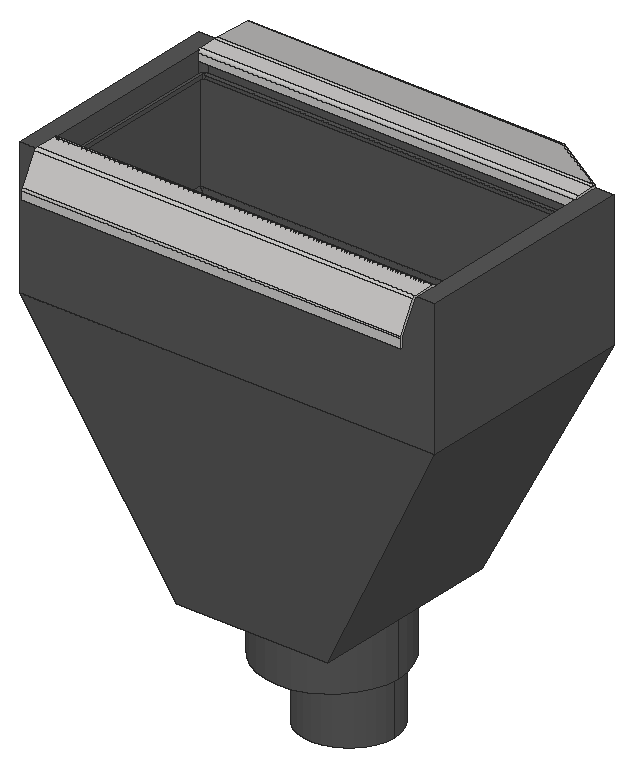
Revit family "2100.111 Rainhead External 445x240x550", category Plumbing Fixtures, Revit 2016
Family settings
  Part Type = Normal
  Round Connector Dimension = Use Diameter
  OmniClass Number = 23.60.30.11
  OmniClass Title = Pipework Products for General Use
  Work Plane-Based = No
  Always vertical = Yes
  Cut with Voids When Loaded = No
  Shared = No
  Room Calculation Point = No
Parameters (values of type "DWV150")
  Waste Connection = yes
  Vent Connection = no
  URL = "www.aquaknight.co.nz"
  Phone = "+6498322214"  # constant formula
  Model = "2100.111"
  Material = Aquanight-Black
  Manufacturer = "Aquanight Industries Ltd"  # constant formula
  HW Connection = no
  Flow = 0.0 L/s
  Email = "info@aquaknight.co.nz"  # constant formula
  Description = "Rainhead 445x240x550 DWV150 DN150"
  Connector Wall Offset = 100 mm
  Connector Location = 33 mm
  Connector Diameter = 150 mm
  Connector Description = "DWV150"
  CW Connection = no
Types (3, lengths in mm): name | Description | Connector Wall Offset | Connector Location | Connector Diameter | Connector Description
  (no name) | "Rainhead 445x240x550 DWV150 DN150" | 100 | 33 | 150 | "DWV150"
  DWV150 | "Rainhead 445x240x550 DWV150 DN150" | 100 | 33 | 150 | "DWV150"
  DWV100 | "Rainhead 445x240x550 DWV100 DN100" | 77.1 | 103 | 100 | "DWV100"
Reference planes
  plane 1 "Center (Front/Back)": y = 0
  plane 2: z = 0
  plane 3 "Center (Left/Right)": x = 0
  plane 4: y = 144.735
  plane 5: y = -95.265
  plane 6: x = 222.5
  plane 7: x = -222.5
  plane 8: z = -65
  plane 9: z = 264
  plane 10: z = 409
  plane 11: z = -140
  plane 12 "Connector": z = -33
Forms (mm)
  Extrusion 1, solid, material "Aquanight-Black" <- "Material"
    sketch origin (-419.252, -1524, 409) x (-1, 0, 0) y (0, -1, 0)
      loop
        line (-196.752, -1668.735) -> (-196.752, -1428.735) -> (-641.752, -1428.735) -> (-641.752, -1668.735) -> (-196.752, -1668.735)
      loop
        line (-638.252, -1665.235) -> (-200.252, -1665.235) -> (-200.252, -1432.235) -> (-638.252, -1432.235) -> (-638.252, -1665.235)
    from 0 to -145
  SweptBlend 2, solid, material "Aquanight-Black" <- "Material"
    path origin (0, 0, 0) x (1, 0, 0) y (0, 0, 1)
      loop
        line (0, 264) -> (0, 0)
    profile origin (0, 0, 264) x (0, -1, 0) y (1, 0, 0)
      loop
        line (-144.735, 222.5) -> (-144.735, -222.5) -> (95.265, -222.5) -> (95.265, 222.5) -> (-144.735, 222.5)
    end profile origin (0, 0, 0) x (0, -1, 0) y (1, 0, 0)
      loop
        line (-144.735, -81) -> (61.265, -81) -> (61.265, 81) -> (-144.735, 81) -> (-144.735, -81)
  Extrusion 3, solid, material "Aquanight-Black" <- "Material"
    sketch origin (0, 20, 0) x (1, 0, 0) y (0, 1, 0)
      loop
        circle (0, 24.735) r 72
      loop
        circle (0, 24.735) r 69
    from 0 to -65
  Extrusion 4, solid, material "Aquanight-Black" <- "Material"
    sketch origin (-263.937, -1524, -65) x (-1, 0, 0) y (0, -1, 0)
      loop
        circle (-263.937, -1591.635) r 49
      loop
        circle (-263.937, -1591.635) r 46
    from 0 to -75
  Extrusion 5, solid, material "Aquanight-Black" <- "Material"
    sketch origin (0, 20, -65) x (0, 1, 0) y (1, 0, 0)
      loop
        arc (24.735, -69) -> (62.08, -58.021) -> (87.539, -28.576) r 69
        arc (87.539, -28.576) -> (70.104, -43.596) -> (47.735, -49) r 49
        arc (47.735, -49) -> (4.139, 22.369) -> (87.539, 28.576) r 49
        arc (87.539, 28.576) -> (-33.285, 37.345) -> (24.735, -69) r 69
    from 0 to -3
  Extrusion 6, solid, material "Aquanight-Black" <- "Material"
    sketch origin (-419.252, -1524, 409) x (-1, 0, 0) y (0, -1, 0)
      loop
        line (-216.252, -1643.235) -> (-216.252, -1454.235)
        arc (-216.252, -1454.235) -> (-218.009, -1449.992) -> (-222.252, -1448.235) r 6
        line (-222.252, -1448.235) -> (-616.252, -1448.235)
        arc (-616.252, -1448.235) -> (-620.494, -1449.992) -> (-622.252, -1454.235) r 6
        line (-622.252, -1454.235) -> (-622.252, -1643.235)
        arc (-622.252, -1643.235) -> (-620.494, -1647.478) -> (-616.252, -1649.235) r 6
        line (-616.252, -1649.235) -> (-222.252, -1649.235)
        arc (-222.252, -1649.235) -> (-218.009, -1647.478) -> (-216.252, -1643.235) r 6
      loop
        line (-641.752, -1668.735) -> (-196.752, -1668.735) -> (-196.752, -1428.735) -> (-641.752, -1428.735) -> (-641.752, -1668.735)
    from 0 to -25.5
  Extrusion 7, solid, material "Aquanight-Black" <- "Material"
    sketch origin (-419.252, -1524, 409) x (-1, 0, 0) y (0, -1, 0)
      loop
        line (-216.252, -1643.235) -> (-216.252, -1454.235)
        arc (-216.252, -1454.235) -> (-218.009, -1449.992) -> (-222.252, -1448.235) r 6
        line (-222.252, -1448.235) -> (-616.252, -1448.235)
        arc (-616.252, -1448.235) -> (-620.494, -1449.992) -> (-622.252, -1454.235) r 6
        line (-622.252, -1454.235) -> (-622.252, -1643.235)
        arc (-622.252, -1643.235) -> (-620.494, -1647.478) -> (-616.252, -1649.235) r 6
        line (-616.252, -1649.235) -> (-222.252, -1649.235)
        arc (-222.252, -1649.235) -> (-218.009, -1647.478) -> (-216.252, -1643.235) r 6
      loop
        line (-616.252, -1645.235) -> (-222.252, -1645.235)
        arc (-222.252, -1645.235) -> (-220.838, -1644.649) -> (-220.252, -1643.235) r 2
        line (-220.252, -1643.235) -> (-220.252, -1454.235)
        arc (-220.252, -1454.235) -> (-220.838, -1452.821) -> (-222.252, -1452.235) r 2
        line (-222.252, -1452.235) -> (-616.252, -1452.235)
        arc (-616.252, -1452.235) -> (-617.666, -1452.821) -> (-618.252, -1454.235) r 2
        line (-618.252, -1454.235) -> (-618.252, -1643.235)
        arc (-618.252, -1643.235) -> (-617.666, -1644.649) -> (-616.252, -1645.235) r 2
    from -25.5 to -21.5
  Blend 8, void
    base sketch origin (-387.017, -1524, 264) x (-1, 0, 0) y (0, -1, 0)
      loop
        line (-168.017, -1665.235) -> (-168.017, -1432.235) -> (-606.017, -1432.235) -> (-606.017, -1665.235) -> (-168.017, -1665.235)
    top sketch origin (-387.017, -1524, 264) x (-1, 0, 0) y (0, -1, 0)
      loop
        line (-309.017, -1665.735) -> (-309.017, -1465.735) -> (-465.017, -1465.735) -> (-465.017, -1665.735) -> (-309.017, -1665.735)
    from 0 to -258.5
  Extrusion 9, void
    sketch origin (-419.252, -1524, 409) x (-1, 0, 0) y (0, -1, 0)
      loop
        circle (-419.252, -1568.735) r 69
    from -425.288 to -375.641
  Extrusion 10, solid, material "Aquaknight-Stainless Steel"
    sketch origin (0, 0, 0) x (0, 1, 0) y (0, 0, 1)
      loop
        line (144.735, 412.202) -> (144.735, 439) -> (143.135, 439) -> (143.135, 412.2)
        arc (143.135, 412.2) -> (142.688, 411.09) -> (141.595, 410.601) r 1.6
        line (141.595, 410.601) -> (122.335, 410.601)
        arc (122.335, 410.601) -> (120.073, 409.664) -> (119.136, 407.402) r 3.199
        line (119.136, 407.402) -> (119.136, 399) -> (120.735, 399) -> (120.735, 409.001) -> (141.535, 409.001)
        arc (141.535, 409.001) -> (143.798, 409.938) -> (144.735, 412.202) r 3.201
      loop
        arc (-116.204, 380.464) -> (-116.604, 379.499) -> (-116.74, 378.464) r 4
        line (-116.74, 378.464) -> (-116.74, 369) -> (-114.74, 369) -> (-114.74, 378.464)
        arc (-114.74, 378.464) -> (-114.672, 378.983) -> (-114.471, 379.466) r 2
        line (-114.471, 379.466) -> (-97.42, 409) -> (-73.237, 409)
        arc (-73.237, 409) -> (-71.843, 408.422) -> (-71.265, 407.028) r 1.972
        line (-71.265, 407.028) -> (-71.265, 395) -> (-69.24, 395) -> (-69.24, 407)
        arc (-69.24, 407) -> (-70.412, 409.828) -> (-73.24, 411) r 4
        line (-73.24, 411) -> (-96.265, 411)
        arc (-96.265, 411) -> (-98.265, 410.464) -> (-99.729, 409) r 4
        line (-99.729, 409) -> (-116.204, 380.464)
    from -203 to 203
  Extrusion 11, void
    sketch origin (0, 0, 0) x (1, 0, 0) y (0, 0, 1)
      loop
        line (-203, 410.601) -> (-169.156, 439) -> (-203, 439) -> (-203, 410.601)
      loop
        line (203, 410.601) -> (203, 439) -> (169.156, 439) -> (203, 410.601)
    from -160.08 to 29.986
Cuts and joins
  joined: Extrusion 1, Extrusion 6
  Blend 8, Extrusion 9 cuts SweptBlend 2
  Extrusion 11 cuts Extrusion 10
Dimensions and locks
  locked: plane 4 to plane 5 at 240
  equal spacing: plane 7, plane 3 "Center (Left/Right)", plane 6
  locked: plane 7 to plane 6 at 445
  locked: plane 10 to level at 409
  locked: level to plane 8 at 65
  locked: plane 10 to plane 9 at 145
  locked: plane 11 to plane 8 at 75
  SweptBlend 2 sketch curve to SweptBlend 2 sketch curve = 162 mm
  "Connector Location": level to plane 12 "Connector"
  "Connector Wall Offset": plane 4 to connector elem
  plane 4 to plane 1 "Center (Front/Back)" to plane 5 = 144.735 mm locked, 95.265 mm locked
  plane 4 to Extrusion 3 sketch curve = 100 mm  (x2)
  plane 4 to Extrusion 4 sketch curve = 77.1 mm  (x2)
  aligned and locked: level to plane 2
  aligned and locked: Extrusion 1 sketch curve to plane 4
  aligned and locked: plane 7 to Extrusion 1 sketch curve
  aligned and locked: plane 5 to Extrusion 1 sketch curve
  aligned and locked: Extrusion 1 sketch curve to plane 6
  aligned and locked: Extrusion 1 to plane 9
  aligned and locked: SweptBlend 2 sketch curve to Extrusion 1  (x5)
  aligned and locked: SweptBlend 2 sketch curve to plane 3 "Center (Left/Right)"
  aligned and locked: plane 4 to SweptBlend 2 sketch curve
  aligned and locked: Extrusion 3 to plane 8
  aligned and locked: Extrusion 4 to plane 11
  aligned and locked: Extrusion 6 sketch curve to Extrusion 1  (x4)
  aligned and locked: cut or joined group of Extrusion 1, Extrusion 6 to Extrusion 7
Automatic sketch dimensions
  plane 7 to Extrusion 1 sketch curve = 3.5 mm
  Extrusion 1 sketch curve to plane 4 = 3.5 mm
  plane 5 to Extrusion 1 sketch curve = 3.5 mm
  Extrusion 1 sketch curve to plane 6 = 3.5 mm
  SweptBlend 2 sketch curve to level = 0 mm
  plane 1 "Center (Front/Back)" to SweptBlend 2 sketch curve = 61.265 mm
  profile plane to SweptBlend 2 sketch curve = 81 mm
  Extrusion 3 sketch curve to plane 3 "Center (Left/Right)" = 0 mm
  Extrusion 4 sketch curve to plane 3 "Center (Left/Right)" = 0 mm
  Extrusion 4 sketch curve to Extrusion 4 sketch curve = 0 mm
  Extrusion 5 sketch curve to Extrusion 5 sketch curve = 23 mm
  Extrusion 5 sketch curve to Extrusion 5 sketch curve = 0 mm  (x3)
  Extrusion 5 sketch curve to Extrusion 5 sketch curve = 39.804 mm
  Extrusion 1 to Extrusion 6 sketch curve = 16 mm  (x2)
  Extrusion 6 sketch curve to Extrusion 6 sketch curve = 6 mm  (x3)
  Extrusion 1 to Extrusion 6 sketch curve = 22 mm  (x3)
  Extrusion 7 sketch curve to Extrusion 7 sketch curve = 0 mm  (x7)
  Extrusion 1 to Extrusion 7 sketch curve = 16 mm  (x2)
  Extrusion 7 sketch curve to Extrusion 7 sketch curve = 6 mm  (x2)
  Extrusion 1 to Extrusion 7 sketch curve = 22 mm  (x2)
  Extrusion 7 sketch curve to Extrusion 7 sketch curve = 2 mm  (x3)
  plane 7 to Blend 8 sketch curve = 3.5 mm
  Blend 8 sketch curve to plane 4 = 3.5 mm
  plane 5 to Blend 8 sketch curve = 3.5 mm
  Blend 8 sketch curve to plane 6 = 3.5 mm
  Blend 8 sketch curve to plane 3 "Center (Left/Right)" = 78 mm
  plane 1 "Center (Front/Back)" to Blend 8 sketch curve = 58.265 mm
  plane 3 "Center (Left/Right)" to Blend 8 sketch curve = 78 mm
  Blend 8 sketch curve to plane 4 = 3 mm
  Extrusion 9 sketch curve to Extrusion 9 sketch curve = 0 mm  (x2)
  Extrusion 1 to Extrusion 9 sketch curve = 96.5 mm
  Extrusion 1 to Extrusion 9 sketch curve = 219 mm
  Extrusion 9 sketch curve to Extrusion 9 sketch curve = 69 mm
  Extrusion 10 sketch curve to Extrusion 10 sketch curve = 0 mm  (x7)
  Extrusion 10 sketch curve to plane 10 = 0 mm  (x3)
  Extrusion 10 sketch curve to plane 5 = 21.475 mm
  Extrusion 10 sketch curve to Extrusion 10 sketch curve = 0.536 mm
  Extrusion 10 sketch curve to Extrusion 10 sketch curve = 2 mm
  Extrusion 10 sketch curve to Extrusion 10 sketch curve = 0.269 mm
  Extrusion 10 sketch curve to Extrusion 10 sketch curve = 1.731 mm
  Extrusion 10 sketch curve to plane 5 = 2.155 mm
  Extrusion 10 sketch curve to plane 5 = 1 mm
  plane 10 to Extrusion 10 sketch curve = 2 mm
  plane 5 to Extrusion 10 sketch curve = 22.025 mm
  Extrusion 10 sketch curve to Extrusion 10 sketch curve = 0.003 mm
  Extrusion 10 sketch curve to Extrusion 10 sketch curve = 1.975 mm
  Extrusion 10 sketch curve to Extrusion 10 sketch curve = 2.025 mm
  Extrusion 10 sketch curve to plane 10 = 1.598 mm
  Extrusion 10 sketch curve to plane 4 = 25.6 mm
  plane 10 to Extrusion 10 sketch curve = 0.001 mm
  Extrusion 10 sketch curve to Extrusion 10 sketch curve = 1.6 mm
  plane 10 to Extrusion 10 sketch curve = 1.601 mm
  Extrusion 10 sketch curve to plane 4 = 3.2 mm
  Extrusion 10 sketch curve to Extrusion 10 sketch curve = 0.06 mm
  Extrusion 10 sketch curve to plane 4 = 1.6 mm
  plane 4 to Extrusion 10 sketch curve = 0 mm
  Extrusion 10 sketch curve to plane 10 = 2 mm
  Extrusion 10 sketch curve to Extrusion 10 sketch curve = 12 mm
  Extrusion 10 sketch curve to plane 10 = 28.536 mm
  Extrusion 10 sketch curve to Extrusion 10 sketch curve = 0.998 mm
  Extrusion 10 sketch curve to Extrusion 10 sketch curve = 1.002 mm
  Extrusion 10 sketch curve to Extrusion 10 sketch curve = 9.464 mm
  Extrusion 10 sketch curve to Extrusion 10 sketch curve = 26.8 mm
  Extrusion 10 sketch curve to Extrusion 10 sketch curve = 8.402 mm
  plane 10 to Extrusion 11 sketch curve = 1.601 mm  (x2)
  plane 7 to Extrusion 11 sketch curve = 19.5 mm
  Extrusion 11 sketch curve to Extrusion 11 sketch curve = 33.844 mm
  Extrusion 11 sketch curve to plane 6 = 53.344 mm
  Extrusion 11 sketch curve to plane 6 = 19.5 mm
  Extrusion 11 sketch curve to Extrusion 11 sketch curve = 28.399 mm
  plane 10 to Extrusion 11 sketch curve = 30 mm
  Extrusion 3 sketch curve to Extrusion 3 sketch curve = 0 mm
  radius of Extrusion 3 sketch curve = 72 mm
  radius of Extrusion 4 sketch curve = 49 mm
  radius of Extrusion 4 sketch curve = 46 mm
  radius of Extrusion 5 sketch curve to Extrusion 3 = 0 mm
  radius of Extrusion 3 sketch curve = 69 mm
Connectors
  piping at (0, 44.735, -33), diameter 150, driven by "Flow", driven by "Connector Diameter", driven by "Connector Description"
    settings: index 1, connector inside diameter 609.6 mm, connector length 0 mm, flow factor 0, pipe flow 0.0 L/s, pressure drop 0.0 Pa, fitting loss kfactor 0, connector angle 0.00°, fixture units 0, engagement length 0 mm, angle of deflection 0.00°, flow configuration 0, flow direction 2, fitting loss method 0, system type 28, joint type 0, gender type 0, connector reference index -1, connector utility 0, adjustable connector no, is connector primary yes, connector description "DWV150"
